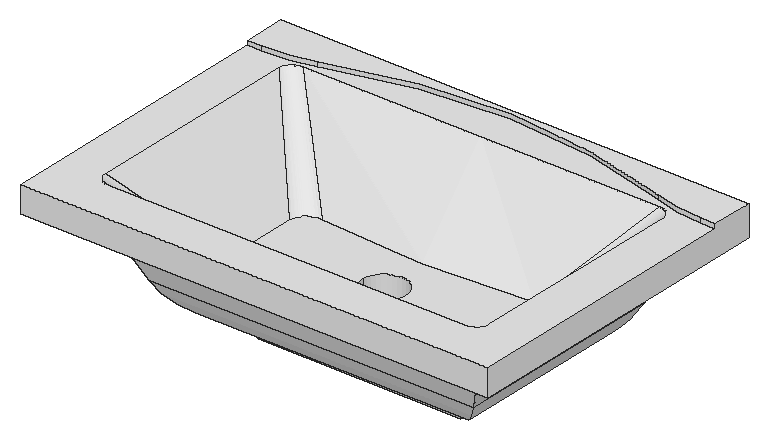
Revit family "Concorde Slimline Drop-In Basin", category Plumbing Fixtures, Revit 2014
Parameters (values of type "Concorde Slimline Drop-In Basin")
  URL = "http://www.vaalsan.co.za"
  Type Comments = "Concorde Slimline Drop-In Basin"
  Manufacturer = if(1 = 1, "Vaal Sanitaryware", "Vaal Sanitaryware")  # "Vaal Sanitaryware"
  Finish = Plastic, Opaque White
  Capacity to overflow = ""
  Capacity to full = ""
  Assembly Code = "D2010400"
Reference planes
  plane 1 "Center (Front/Back)": y = 0
  plane 2: z = 0
  plane 3 "Center (Left/Right)": x = 0
  plane 4: x = -230
  plane 5: x = 230
  plane 6: x = -280
  plane 7: x = 280
  plane 8: y = 195
  plane 9: y = -195
  plane 10: y = 145
  plane 11: y = -145
  plane 12: z = 180
  plane 13: z = 148
  plane 14: z = 50
  plane 15: z = 195
  plane 16: z = 82
Forms (mm)
  Extrusion 1, solid, material "Plastic, Opaque White" <- "Finish", detail levels medium+fine
    sketch origin (0, 0, 0) x (1, 0, 0) y (0, 1, 0)
      loop
        line (280, 195) -> (-280, 195) -> (-280, 145) -> (-262.612, 145)
        arc (-262.612, 145) -> (-232.448, 147.517) -> (-203.118, 154.999) r 182
        arc (-203.118, 154.999) -> (0, 189.135) -> (203.118, 154.999) r 621.368
        arc (203.118, 154.999) -> (232.448, 147.517) -> (262.612, 145) r 182
        line (262.612, 145) -> (280, 145) -> (280, 195)
    from 180 to 185
  Extrusion 2, solid, material "Plastic, Opaque White" <- "Finish", detail levels medium+fine
    sketch origin (0, 0, 0) x (1, 0, 0) y (0, 1, 0)
      loop
        line (-280, 195) -> (-280, -195) -> (280, -195) -> (280, 195) -> (-280, 195)
    from 0 to 180
  Blend 3, void
    base sketch origin (0, 0, 0) x (1, 0, 0) y (0, 1, 0)
      loop
        arc (150, 44.604) -> (142.969, 60.226) -> (126.614, 65.322) r 20.87
        arc (126.614, 65.322) -> (0, 57.66) -> (-126.614, 65.322) r 1050
        arc (-126.614, 65.322) -> (-142.969, 60.226) -> (-150, 44.604) r 20.87
        line (-150, 44.604) -> (-150, -44.604)
        arc (-150, -44.604) -> (-142.969, -60.226) -> (-126.614, -65.322) r 20.87
        arc (-126.614, -65.322) -> (0, -57.66) -> (126.614, -65.322) r 1050
        arc (126.614, -65.322) -> (142.969, -60.226) -> (150, -44.604) r 20.87
        line (150, -44.604) -> (150, 44.604)
    top sketch origin (0, 0, 0) x (1, 0, 0) y (0, 1, 0)
      loop
        arc (-230, -129) -> (-225.314, -140.314) -> (-214, -145) r 16
        line (-214, -145) -> (214, -145)
        arc (214, -145) -> (225.314, -140.314) -> (230, -129) r 16
        line (230, -129) -> (230, 129)
        arc (230, 129) -> (225.314, 140.314) -> (214, 145) r 16
        line (214, 145) -> (-214, 145)
        arc (-214, 145) -> (-225.314, 140.314) -> (-230, 129) r 16
        line (-230, 129) -> (-230, -129)
    from 82 to 180
  Sweep 4, void
    path origin (0, 0, 0) x (1, 0, 0) y (0, 1, 0)
      loop
        line (280, 195) -> (280, -195) -> (-280, -195) -> (-280, 195)
    profile origin (0, -195, 0) x (0, -1, 0) y (0, 0, 1)
      loop
        arc (-40.195, 148) -> (-48.555, 145.642) -> (-54.451, 139.264) r 16
        line (-54.451, 139.264) -> (-85.99, 68.427)
        arc (-85.99, 68.427) -> (-110.277, 36.839) -> (-146.291, 19.79) r 85
        arc (-146.291, 19.79) -> (-151.316, 17.286) -> (-154.463, 12.636) r 11.055
        line (-154.463, 12.636) -> (-159.542, -1.803)
        arc (-159.542, -1.803) -> (-162.868, -6.212) -> (-168.13, -7.886) r 9.104
        line (-168.13, -7.886) -> (-178.643, -7.886) -> (-178.643, -10) -> (0, -10) -> (0, 148) -> (-40.195, 148)
  Sweep 5, void
    path origin (0, 0, 0) x (1, 0, 0) y (0, 1, 0)
      loop
        line (280, 195) -> (-280, 195)
    profile origin (0, 195, 0) x (0, -1, 0) y (0, 0, 1)
      loop
        line (0, 148) -> (0, 0) -> (163.178, 0)
        arc (163.178, 0) -> (67.143, 44.61) -> (28, 143) r 143.226
        arc (28, 143) -> (26.536, 146.536) -> (23, 148) r 5
        line (23, 148) -> (0, 148)
  Extrusion 6, void
    sketch origin (0, 0, 0) x (1, 0, 0) y (0, 1, 0)
      loop
        circle (0, 0) r 26
    from -70.994 to 250
  Revolve 7, solid, material "Plastic, Opaque White" <- "Finish", detail levels medium+fine
    sketch origin (0, 0, 0) x (0, 1, 0) y (0, 0, 1)
      loop
        line (-26, 0) -> (-26, 18.169)
        arc (-26, 18.169) -> (-39.092, 18.352) -> (-52, 20.544) r 85
        arc (-52, 20.544) -> (-36.792, 13.066) -> (-26, 0) r 40.324
      axis (0, 20.544) -> (0, 0)
    angle from 0 to 360
Cuts and joins
  Blend 3, Sweep 4, Sweep 5, Extrusion 6 cuts Extrusion 2
  joined: Extrusion 1, Extrusion 2, Revolve 7
Lines and regions (mm)
  Masking region 1, detail levels coarse
    outline origin (0, 0, 0) x (1, 0, 0) y (0, 1, 0)
      loop
        arc (-265, -170) -> (-262.071, -177.071) -> (-255, -180) r 10
        line (-255, -180) -> (255, -180)
        arc (255, -180) -> (262.071, -177.071) -> (265, -170) r 10
        line (265, -170) -> (265, 170)
        arc (265, 170) -> (262.071, 177.071) -> (255, 180) r 10
        line (255, 180) -> (-255, 180)
        arc (-255, 180) -> (-262.071, 177.071) -> (-265, 170) r 10
        line (-265, 170) -> (-265, -170)
  Masking region 2
    outline origin (0, 120.989, -874.861) x (0, -1, 0) y (0, 0, 1)
      loop
        line (307.428, 1054.861) -> (-74.011, 1054.861) -> (-74.011, 1022.861) -> (-56.893, 1022.861)
        arc (-56.893, 1022.861) -> (-16.892, 932.786) -> (61.103, 872.534) r 201.105
        arc (61.103, 872.534) -> (63.822, 871.872) -> (66.605, 872.164) r 8.199
        arc (66.605, 872.164) -> (75.137, 871.958) -> (82.066, 866.975) r 14.451
        line (82.066, 866.975) -> (147.859, 866.975)
        arc (147.859, 866.975) -> (153.122, 868.65) -> (156.448, 873.058) r 9.104
        line (156.448, 873.058) -> (165.913, 899.967)
        arc (165.913, 899.967) -> (169.434, 904.64) -> (175.006, 906.427) r 9.669
        arc (175.006, 906.427) -> (198.359, 911.261) -> (217.954, 924.853) r 59.671
        arc (217.954, 924.853) -> (256.535, 977.253) -> (280.528, 1037.739) r 253.878
        line (280.528, 1037.739) -> (307.428, 1037.739)
        arc (307.428, 1037.739) -> (315.989, 1046.3) -> (307.428, 1054.861) r 8.561
  symbolic lines
    curve 1: arc (0, -146.989, 180) -> (0, -124.741, 116.101) -> (0, -85.402, 61.051) r 237.878
    curve 2: arc (0, -85.402, 61.051) -> (0, -71.061, 51.103) -> (0, -53.97, 47.566) r 43.671
    curve 3: arc (0, -53.97, 47.566) -> (0, -39.178, 42.822) -> (0, -29.83, 30.415) r 25.669
    curve 4: line (0, -29.83, 30.415) -> (0, -16.357, -7.886)
    curve 5: arc (0, 146.989, 180) -> (0, 124.741, 116.101) -> (0, 85.402, 61.051) r 237.878
    curve 6: arc (0, 85.402, 61.051) -> (0, 71.061, 51.103) -> (0, 53.97, 47.566) r 43.671
    curve 7: arc (0, 53.97, 47.566) -> (0, 39.178, 42.822) -> (0, 29.83, 30.415) r 25.669
    curve 8: line (0, 29.83, 30.415) -> (0, 16.357, -7.886)
    curve 9: arc (0, 147.467, 156.663) -> (0, 124.581, 103.324) -> (0, 89.738, 56.904) r 243.878
    curve 10: arc (0, 89.738, 56.904) -> (0, 73.427, 45.589) -> (0, 53.988, 41.566) r 49.671
    curve 11: arc (0, 53.988, 41.566) -> (0, 42.653, 37.931) -> (0, 35.49, 28.424) r 19.669
    curve 12: line (0, 35.49, 28.424) -> (0, 28.073, 7.337)
    curve 13: arc (0, 177.882, 148) -> (0, 137.882, 57.925) -> (0, 59.887, -2.327) r 201.105
    curve 14: arc (0, 171.969, 149.017) -> (0, 132.874, 61.264) -> (0, 56.64, 2.806) r 195.105
    curve 15: line (0, 56.64, 2.806) -> (0, 33.238, 0.698)
    curve 16: arc (0, 33.238, 0.698) -> (0, 28.843, 2.607) -> (0, 28.073, 7.337) r 5
    curve 17: arc (0, 171.969, 149.017) -> (0, 162.53, 161.851) -> (0, 147.467, 156.663) r 13.444
Dimensions and locks
  plane 6 to plane 4 to plane 5 to plane 7 = 50 mm, 460 mm, 50 mm
  plane 6 to plane 7 = 560 mm
  plane 9 to plane 11 to plane 10 to plane 8 = 50 mm, 290 mm, 50 mm
  plane 9 to plane 8 = 390 mm
  plane 12 to plane 13 = 32 mm
  locked: plane 12 to plane 2 at 180
  locked: plane 12 to plane 14 at 130
  aligned and locked: level to plane 2
  aligned and locked: Extrusion 1 sketch curve to plane 6
  aligned and locked: plane 7 to Extrusion 1 sketch curve
  aligned and locked: plane 10 to Extrusion 1 sketch curve
  aligned and locked: Extrusion 2 sketch curve to plane 6
  aligned and locked: Extrusion 2 sketch curve to plane 8
  aligned and locked: plane 9 to Extrusion 2 sketch curve
  aligned and locked: plane 7 to Extrusion 2 sketch curve
  aligned and locked: Sweep 4 sketch curve to plane 13
  aligned and locked: plane 9 to Sweep 4 sketch curve
  aligned and locked: Sweep 5 sketch curve to plane 8
  aligned and locked: Sweep 5 sketch curve to level
  aligned and locked: Sweep 5 sketch curve to plane 13
  aligned and locked: curve 13 to Masking region 2
  aligned and locked: Sweep 4 sketch curve to Masking region 2  (x2)
  aligned and locked: Masking region 2 to Sweep 4 sketch curve
Connectors
  piping at (0, 0, 0), diameter 52
    settings: index 1, connector inside diameter 609.6 mm, connector length 0 mm, flow factor 0, pipe flow 0.0 L/s, pressure drop 0.0 Pa, fitting loss kfactor 0, connector angle 0.00°, fixture units 0, engagement length 0 mm, angle of deflection 0.00°, flow configuration 0, flow direction 2, fitting loss method 0, system type 16, joint type 0, gender type 0, connector reference index -1, connector utility 0, adjustable connector no, is connector primary yes, connector description ""
